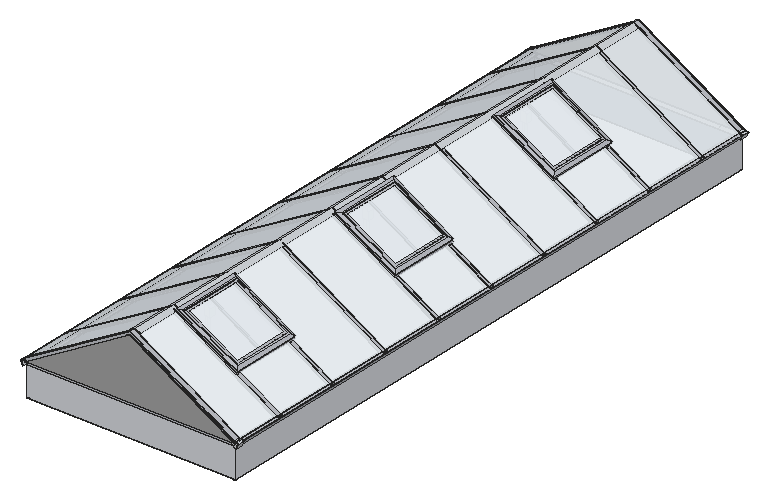
Revit family "Ленточный двухскатный зенитный фонарь M8CITY_Д_ВЕНТ-створки_2017", category Оборудование, Revit 2017
Family settings
  Основа = Крыша
  Размер круглого соединителя = Использовать диаметр
  Тип детали = Нормальный
  Всегда вертикально = Нет
  При загрузке вырезать с полостями = Нет
  Общий = Нет
  Точка расчета площади = Нет
Parameters (values of type "Зенитный фонарь M8CITY Л-Д-ВЕНТ-створки")
  Электронный адрес Отдела продаж [instance] = "info@m8city.by"  # constant formula
  Ширина проёма ввод = 3200 mm
  Ширина проёма = ADSK_Размер_Ширина  # 3200 mm
  Ширина = ADSK_Размер_Ширина  # 3200 mm
  Шаг типовой = 1060 mm  # constant formula
  Шаг массива = if(rounddown(Количество типовых растров / Количество створок ном) < 2, 2, rounddown(Количество типовых растров / Количество створок ном)) * 1060 mm  # 3180 mm
  Угол наклона к горизонту ном = if(Угол наклона к горизонту < 30.00°, 30.00°, if(Угол наклона к горизонту > 45.00°, 45.00°, Угол наклона к горизонту))  # 30.00°
  Угол наклона к горизонту = 30.00°
  Типовой растр = if((Длина - 971 mm) / 2 < 1260 mm, (Длина - 971 mm) / 2, 1060 mm)  # 1060 mm
  Телефон [instance] = "+375 17 388 44 42, +7 495 946 99 02"  # constant formula
  Смещение массива = (Длина + 89 mm - (N растров - 2) * Шаг типовой) / 2 + 1060 mm * rounddown((Количество типовых растров - (Шаг массива / 1060 mm) * (Количество створок ном - 1)) / 2)  # 1864.5 mm
  Description = ""
  Крайний растр = if(Длина + 89 mm < 2120 mm, (Длина + 89 mm) / 2, (Длина + 89 mm - (N растров - 2) * Шаг типовой) / 2)  # 804.5 mm
  Количество ферм = roundup(if((Длина - 971 mm) / 2 mm / 1060 < 2, 2, (Длина - 971 mm) / 2 mm / 1060))  # 5
  Количество типовых растров = rounddown((Длина - 311 mm) / Шаг типовой)  # 9
  Количество створок ном = if(Количество створок < 2, 2, if(Количество створок > roundup(Количество типовых растров / 2), roundup(Количество типовых растров / 2), Количество створок))  # 3
  Количество створок = 3
  Manufacturer = ""
  Заполнение = 1
  Длина створки ном = if(Длина створки < 1000 mm, 1000 mm, if(Длина створки > 1600 mm, 1600 mm, Длина створки))  # 1000 mm
  Длина створки = 1000 mm
  Длина проёма ввод = 10000 mm
  Длина проёма = ADSK_Размер_Длина  # 10000 mm
  Длина = ADSK_Размер_Длина  # 10000 mm
  Высота основания = 500 mm
  Высота = ADSK_Размер_Высота + 73 mm  # 573 mm
  Видимость створки двойной = and(Вид створки < 3, or(Вид створки = 2))  # no
  Вид створки = 1
  Бренд [instance] = ""
  URL = "www.m8city.by"
  Table 2 = "Маркировка"  # constant formula
  Table 1 = "Описание"  # constant formula
  N ферм = if(Длина + 89 mm > 2120 mm, N растров - 1, N растров)  # 9
  N растров = roundup((Длина + 89 mm) / Шаг типовой)  # 10
  ADSK_Размер_Ширина = if(Ширина проёма ввод < 1200 mm, 1200 mm, if(Ширина проёма ввод > 3500 mm, 3500 mm, Ширина проёма ввод))  # 3200 mm
  ADSK_Размер_Длина = if(Длина проёма ввод < 4200 mm, 4200 mm, Длина проёма ввод)  # 10000 mm
  ADSK_Размер_Высота = if(Высота основания < 300 mm, 300 mm, if(Высота основания > 800 mm, 800 mm, Высота основания))  # 500 mm
  ADSK_Обозначение = "M8CITY"  # constant formula
  ADSK_Наименование [instance] = size_lookup(Table 1, "", "Не определено", ADSK_Размер_Ширина, ADSK_Размер_Длина, ADSK_Размер_Высота, Заполнение, Длина створки ном, Вид створки)  # "Зенитный фонарь M8CITY двухскатный 3.2 х 10.0 м основание 500 мм заполнение стеклопакет однокамерный 1.30 мм со створками вентиляции 1.0х1.0 м 3 шт."
  ADSK_Марка [instance] = size_lookup(Table 2, "", "Не определено", ADSK_Размер_Ширина, ADSK_Размер_Длина, ADSK_Размер_Высота, Заполнение, Длина створки ном, Вид створки)  # "M8CITY-ФЗА-Л.Д-АСт-3.2-10.0-0.5-3С.УД.Э-1.0-1.0-СП.1.30-ТУ BY 191302027.002-2013"
  ADSK_Количество = 1
  ADSK_Код изделия = "ТУ BY 191302027.002-2013"  # constant formula
  ADSK_Завод-изготовитель = "ООО ''Завод М8 Сити''"  # constant formula
Reference planes
  plane 1 "По центру (Вперед/Назад)": y = 0
  plane 2 "Крыша": z = 4000
  plane 3 "По центру (Влево/Вправо)": x = 0
  plane 4: x = -1600
  plane 5: x = 1600
  plane 6: y = 5000
  plane 7: y = -5000
  plane 8: z = 4152.4
  plane 9: z = 4652.4
  plane 10: z = 4725.4
  plane 11: z = 4959.4
  plane 12: x = -1255
  plane 13: y = 3180
  plane 14: x = 1255
  plane 15: x = 1315
  plane 16: y = 5044.5
  plane 17: y = 5086.5
  plane 18: y = 4240
  plane 19: y = 0
  plane 20: y = -1590
  plane 21: y = 5108.8
  plane 22: y = -5044.5
  plane 23: y = -5110
  plane 24: y = 3180
Forms (mm)
  Sweep 1, solid, material "Сталь", detail levels medium+fine
    path origin (0, 0, 4000) x (1, 0, 0) y (0, 1, 0)
      loop
        line (-1600, 5000) -> (-1600, -5000) -> (1600, -5000) -> (1600, 5000) -> (-1600, 5000)
    profile origin (0, 5000, 4000) x (0, 1, 0) y (0, 0, 1)
      loop
        line (0, 152.4) -> (80, 152.4) -> (80, 153.9) -> (1.5, 153.9) -> (1.5, 650.9) -> (63.5, 650.9) -> (63.5, 632.4) -> (65, 632.4) -> (65, 652.4) -> (0, 652.4) -> (0, 152.4)
  Sweep 2, solid
    path origin (0, 0, 4000) x (1, 0, 0) y (0, 1, 0)
      loop
        line (-1600, 5000) -> (-1600, -5000) -> (1600, -5000) -> (1600, 5000) -> (-1600, 5000)
    profile origin (0, 5000, 4000) x (0, 1, 0) y (0, 0, 1)
      loop
        line (80, 652.4) -> (0, 652.4) -> (0, 152.4) -> (80, 152.4) -> (80, 652.4)
Lines and regions (mm)
  Opening 1
    outline origin (0, 0, 4152.4) x (0, 1, 0) y (-1, 0, 0)
      loop
        line (5000, 1600) -> (-5000, 1600) -> (-5000, -1600) -> (5000, -1600) -> (5000, 1600)
Dimensions and locks
  equal spacing: host sketch curve, plane 3 "По центру (Влево/Вправо)", host sketch curve
  equal spacing: host sketch curve, plane 1 "По центру (Вперед/Назад)", host sketch curve
  equal spacing: plane 4, plane 3 "По центру (Влево/Вправо)", plane 5
  equal spacing: plane 6, plane 1 "По центру (Вперед/Назад)", plane 7
  "Ширина проёма": plane 4 to plane 5
  "Длина проёма": plane 6 to plane 7
  "Высота основания": plane 9 to plane 8
  "Высота": plane 10 to host roof
  plane 10 to plane 9 = 73 mm
  locked: plane 16 to plane 6 at 44.5
  locked: plane 17 to plane 6 at 86.5
  locked: plane 21 to plane 17 at 22.3
  plane 7 to plane 22 = 44.5 mm
  locked: plane 7 to plane 23 at 110
  locked: nested 2 to nested 9 at 1.7
  locked: nested 11 to plane 21 at 0.5
  "Крайний растр": plane 16 to plane 18
  equal spacing: group 1, group 2, group 3, group 4, group 5, group 6, group 7, group 8, group 9  (x2)
  equal spacing: group 9, group 8, group 7, group 6, group 5, group 4, group 3, group 2, group 1
  "Шаг типовой": plane 18 to plane 13
  "Смещение массива": plane 16 to plane 24
  equal spacing: group 10, group 11, group 12  (x2)
  equal spacing: group 12, group 11, group 10
  "Шаг массива": plane 24 to plane 19
  equal spacing: group 15, group 14, group 13  (x2)
  equal spacing: group 13, group 14, group 15
  aligned and locked: level to plane 2 "Крыша"
  aligned and locked: host roof to plane 8
  aligned and locked: Opening 1 sketch curve to plane 6
  aligned and locked: Opening 1 sketch curve to plane 5
  aligned and locked: Opening 1 sketch curve to plane 7
  aligned and locked: Opening 1 sketch curve to plane 4
  aligned and locked: Sweep 1 sketch curve to plane 6
  aligned and locked: Sweep 1 sketch curve to plane 5
  aligned and locked: Sweep 1 sketch curve to plane 7
  aligned and locked: Sweep 1 sketch curve to plane 4
  aligned and locked: Sweep 1 to plane 8
  aligned and locked: Sweep 1 to plane 9
  aligned and locked: plane 3 "По центру (Влево/Вправо)" to nested 1
  aligned and locked: plane 6 to nested 1
  aligned and locked: plane 3 "По центру (Влево/Вправо)" to nested 2
  aligned and locked: plane 7 to nested 2
  aligned and locked: plane 5 to nested 3
  aligned and locked: nested 3 to plane 9
  aligned and locked: nested 4 to plane 1 "По центру (Вперед/Назад)"
  aligned and locked: nested 4 to plane 3 "По центру (Влево/Вправо)"
  aligned and locked: plane 9 to nested 4
  aligned and locked: plane 17 to nested 3
  aligned and locked: plane 3 "По центру (Влево/Вправо)" to nested 5
  aligned and locked: plane 3 "По центру (Влево/Вправо)" to nested 6
  aligned and locked: nested 6 to plane 16
  aligned and locked: nested 7 to plane 9
  aligned and locked: plane 9 to nested 6
  aligned and locked: nested 8 to plane 3 "По центру (Влево/Вправо)"
  aligned and locked: plane 1 "По центру (Вперед/Назад)" to nested 8
  aligned and locked: plane 9 to nested 8
  aligned and locked: plane 3 "По центру (Влево/Вправо)" to nested 9
  aligned and locked: plane 3 "По центру (Влево/Вправо)" to nested 7
  aligned and locked: nested 7 to plane 22
  aligned and locked: Sweep 2 sketch curve to plane 6
  aligned and locked: Sweep 2 sketch curve to plane 4
  aligned and locked: Sweep 2 sketch curve to plane 5
  aligned and locked: Sweep 2 sketch curve to plane 7
  aligned and locked: Sweep 2 sketch curve to plane 9
  aligned and locked: nested 10 to plane 3 "По центру (Влево/Вправо)"
  aligned and locked: plane 1 "По центру (Вперед/Назад)" to nested 10
  aligned and locked: plane 9 to nested 10
  aligned and locked: nested 9 to plane 9
  aligned and locked: plane 9 to nested 11
  aligned and locked: plane 9 to nested 2
  aligned and locked: nested 1 to plane 9
  aligned and locked: nested 12 to plane 3 "По центру (Влево/Вправо)"
  aligned and locked: plane 1 "По центру (Вперед/Назад)" to nested 12
  aligned and locked: plane 9 to nested 12
  aligned and locked: plane 9 to nested 5
  aligned and locked: plane 3 "По центру (Влево/Вправо)" to nested 13
  aligned and locked: plane 9 to nested 13
  aligned and locked: nested 14 to plane 3 "По центру (Влево/Вправо)"
  aligned and locked: plane 9 to nested 14
  aligned and locked: nested 5 to plane 18
  aligned and locked: nested 15 to plane 13
  aligned and locked: plane 24 to nested 13
  aligned and locked: plane 19 to nested 23
  aligned and locked: nested 14 to plane 24
  aligned and locked: nested 25 to plane 19
  aligned and locked: plane 9 to nested 25
  aligned and locked: plane 9 to nested 24
  aligned and locked: plane 3 "По центру (Влево/Вправо)" to nested 24
Automatic sketch dimensions
  Sweep 1 sketch curve to profile plane = 0 mm
  Sweep 1 sketch curve to profile plane = 1.5 mm
  Sweep 1 sketch curve to profile plane = 63.5 mm
  Sweep 1 sketch curve to Sweep 1 sketch curve = 1.5 mm  (x3)
  Sweep 1 sketch curve to Sweep 1 sketch curve = 78.5 mm
  level to Sweep 1 sketch curve = 152.4 mm
  Sweep 1 sketch curve to Sweep 1 sketch curve = 478.5 mm
  Sweep 1 sketch curve to Sweep 1 sketch curve = 18.5 mm
  Sweep 2 sketch curve to profile plane = 0 mm
  Sweep 2 sketch curve to profile plane = 80 mm
  level to Sweep 2 sketch curve = 152.4 mm
Nested families
  nested 1: "УПТ" at (0, 3966.539, 4657.3), type "УПТ", detail levels medium+fine
    with Ширина проёма 3200 mm
  nested 2: "УПТ" at (0, -3966.539, 4657.3), type "УПТ", detail levels medium+fine
    with Ширина проёма 3200 mm
  nested 3: "УПП" at (0, 0, 4733.976), type "УПП", detail levels medium+fine
    with Ширина проёма 3200 mm, Длина проема 10000 mm
  nested 4: "УПП" at (0, 0, 4733.976) x (-1, 0, 0) z (0, 0, 1), type "УПП", detail levels medium+fine
    with Ширина проёма 3200 mm, Длина проема 10000 mm
  nested 5: "Рядовой ПН и УПП" at (0, 4240, 4737.4), type "Рядовой ПН и УПП", detail levels medium+fine
    with Ширина проёма 3200 mm
  nested 6: "Торцевой ПН и УТП" at (0, 5044.5, 4752.4), type "Торцевой ПН и УТП", detail levels medium+fine
    with Ширина проёма 3200 mm
  nested 7: "Торцевой ПН и УТП" at (0, -5044.5, 4752.4), type "Торцевой ПН и УТП", detail levels medium+fine
    with Ширина проёма 3200 mm
  nested 8: "ПК рядовой" at (0, 0, 4752.4), type "ПК рядовой", detail levels medium+fine
    with Ширина проёма 3200 mm, Длина проёма 10000 mm
  nested 9: "ПК торцевой" at (0, -5099.7, 4727.4), type "ПК торцевой", detail levels medium+fine
    with Ширина проёма 3200 mm
  nested 10: "ПК низкая детализация" at (0, 0, 4752.4), type "ПК низкая детализация", detail levels coarse
    with Ширина проёма 3200 mm, Длина проёма 10000 mm
  nested 11: "ПК торцевой" at (0, 5098.3, 4727.4), type "ПК торцевой", detail levels medium+fine
    with Ширина проёма 3200 mm
  nested 12: "Конёк" at (0, 0, 4752.4), type "Конёк", detail levels medium+fine
    with Ширина проёма 3200 mm, Длина проёма 10000 mm
  nested 13: "Створка Д" at (60, 2656, 4737.4), type "Створка Д"
    with Ширина проёма 3200 mm
  nested 14: "Створка Д-2" at (-50, 2656, 4737.4) x (-1, 0, 0) z (0, 0, 1), visible <- "Видимость створки двойной", type "Створка Д-2"
    with Ширина проёма 3200 mm
  nested 15: "Рядовой ПН и УПП" at (0, 3180, 4737.4), type "Рядовой ПН и УПП", detail levels medium+fine
    with Ширина проёма 3200 mm
  nested 16: "Рядовой ПН и УПП" at (0, 2120, 4737.4), type "Рядовой ПН и УПП", detail levels medium+fine
    with Ширина проёма 3200 mm
  nested 17: "Рядовой ПН и УПП" at (0, 1060, 4737.4), type "Рядовой ПН и УПП", detail levels medium+fine
    with Ширина проёма 3200 mm
  nested 18: "Рядовой ПН и УПП" at (0, 0, 4737.4), type "Рядовой ПН и УПП", detail levels medium+fine
    with Ширина проёма 3200 mm
  nested 19: "Рядовой ПН и УПП" at (0, -1060, 4737.4), type "Рядовой ПН и УПП", detail levels medium+fine
    with Ширина проёма 3200 mm
  nested 20: "Рядовой ПН и УПП" at (0, -2120, 4737.4), type "Рядовой ПН и УПП", detail levels medium+fine
    with Ширина проёма 3200 mm
  nested 21: "Рядовой ПН и УПП" at (0, -3180, 4737.4), type "Рядовой ПН и УПП", detail levels medium+fine
    with Ширина проёма 3200 mm
  nested 22: "Рядовой ПН и УПП" at (0, -4240, 4737.4), type "Рядовой ПН и УПП", detail levels medium+fine
    with Ширина проёма 3200 mm
  nested 23: "Створка Д" at (60, -524, 4737.4), type "Створка Д"
    with Ширина проёма 3200 mm
  nested 24: "Створка Д" at (60, -3704, 4737.4), type "Створка Д"
    with Ширина проёма 3200 mm
  nested 25: "Створка Д-2" at (-55, -524, 4737.4) x (-1, 0, 0) z (0, 0, 1), visible <- "Видимость створки двойной", type "Створка Д-2"
    with Ширина проёма 3200 mm
  nested 26: "Створка Д-2" at (-60, -3704, 4737.4) x (-1, 0, 0) z (0, 0, 1), visible <- "Видимость створки двойной", type "Створка Д-2"
    with Ширина проёма 3200 mm
Definition of nested family "УПТ"
  Parameters (values of type "УПТ")
    Ширина проёма = 3500 mm
    Длина = 2066.922 mm
  Reference planes
    plane 1 "По центру (Вперед/Назад)": y = 0
    plane 2: z = 0
    plane 3 "По центру (Влево/Вправо)": x = 0
    plane 4: y = 1033.461
    plane 5: x = 1750
    plane 6: y = -1033.461
    plane 7: x = -1750
    plane 8: x = -1870
    plane 9: x = 1870
  Forms (mm)
    Sweep 1, solid, detail levels medium+fine
      path origin (0, 0, 0) x (1, 0, 0) y (0, 1, 0)
        loop
          line (-1870, 1033.461) -> (1870, 1033.461)
      profile origin (0, 1033.461, 0) x (0, 1, 0) y (0, 0, 1)
        loop
          line (0, 0) -> (0, -4.9) -> (86.5, -4.9) -> (86.5, -9.7) -> (111.5, -9.7) -> (111.5, 21.5) -> (110, 21.5) -> (110, -8.2) -> (88, -8.2) -> (88, 1.2) -> (0, 1.2) -> (0, 0)
    Extrusion 2, void
      sketch origin (0, 0, 0) x (1, 0, 0) y (0, 1, 0)
        loop
          line (-1870, 1121.461) -> (-1870, 1033.461) -> (-1750, 1033.461) -> (-1750, 1121.461) -> (-1870, 1121.461)
      from -4.9 to 1.601
    Extrusion 3, void
      sketch origin (0, 0, 0) x (-1, 0, 0) y (0, -1, 0)
        loop
          line (-1870, -1121.461) -> (-1750, -1121.461) -> (-1750, -1033.461) -> (-1870, -1033.461) -> (-1870, -1121.461)
      from -4.9 to 1.601
  Cuts and joins
    Extrusion 2, Extrusion 3 cuts Sweep 1
  Dimensions and locks
    equal spacing: plane 7, plane 3 "По центру (Влево/Вправо)", plane 5
    "Ширина проёма": plane 7 to plane 5
    equal spacing: plane 4, plane 1 "По центру (Вперед/Назад)", plane 6
    "Длина": plane 4 to plane 6
    locked: plane 8 to plane 7 at 120
    locked: plane 5 to plane 9 at 120
    aligned and locked: level to plane 2
    aligned and locked: Sweep 1 sketch curve to plane 4
    aligned and locked: Extrusion 2 sketch curve to Sweep 1  (x3)
    aligned and locked: Extrusion 2 sketch curve to plane 7
    aligned and locked: Extrusion 2 to Sweep 1
    aligned and locked: cut or joined group of Sweep 1, Extrusion 2, Extrusion 3 to plane 5
    aligned and locked: plane 9 to cut or joined group of Sweep 1, Extrusion 2, Extrusion 3
    aligned and locked: cut or joined group of Sweep 1, Extrusion 2, Extrusion 3 to plane 4
    aligned and locked: cut or joined group of Sweep 1, Extrusion 2, Extrusion 3 to cut or joined group of Sweep 1, Extrusion 2, Extrusion 3
  Automatic sketch dimensions
    Sweep 1 sketch curve to plane 8 = 0 mm
    Sweep 1 sketch curve to plane 9 = 0 mm
    Sweep 1 sketch curve to level = 0 mm
    Sweep 1 sketch curve to profile plane = 0 mm
    Sweep 1 sketch curve to level = 9.7 mm
    Sweep 1 sketch curve to profile plane = 86.5 mm
    level to Sweep 1 sketch curve = 1.2 mm
    Sweep 1 sketch curve to Sweep 1 sketch curve = 1.5 mm  (x2)
    Sweep 1 sketch curve to level = 8.2 mm
    Sweep 1 sketch curve to Sweep 1 sketch curve = 22 mm
    Sweep 1 sketch curve to Sweep 1 sketch curve = 3.3 mm
    level to Sweep 1 sketch curve = 21.5 mm
    Extrusion 3 sketch curve to plane 4 = 0 mm
    plane 9 to Extrusion 3 sketch curve = 0 mm
    Extrusion 3 sketch curve to plane 5 = 0 mm
    Extrusion 3 sketch curve to Extrusion 3 sketch curve = 88 mm
Definition of nested family "УПП"
  Parameters (values of type "УПП")
    Ширина проёма = 2066.922 mm
    Default Elevation = 1219.2 mm
    Длина проема = 1895.571 mm
  Reference planes
    plane 1 "По центру (Вперед/Назад)": y = 0
    plane 2: z = -81.576
    plane 3 "По центру (Влево/Вправо)": x = 0
    plane 4: y = 947.785
    plane 5: y = -947.785
    plane 6: x = -1033.461
    plane 7: x = 1033.461
    plane 8: y = 1034.285
    plane 9: y = -1034.285
    plane 10: x = 1053.461
  Forms (mm)
    Sweep 1, solid, detail levels medium+fine
      path origin (-20, 0, -81.576) x (1, 0, 0) y (0, 1, 0)
        loop
          line (1053.461, 1034.285) -> (1053.461, -1034.285)
      profile origin (1033.461, 0, -81.576) x (1, 0, 0) y (0, 0, 1)
        loop
          line (0, 0) -> (76.429, 0)
          arc (76.429, 0) -> (78.138, -3.453) -> (81.745, -2.099) r 2.873
          line (81.745, -2.099) -> (116.557, -6.373) -> (142.309, 36.485) -> (103.736, 59.662) -> (102.964, 58.376) -> (140.251, 35.972) -> (127.375, 14.543) -> (90.088, 36.947) -> (89.315, 35.661) -> (126.602, 13.257) -> (115.763, -4.782) -> (82.151, -0.655)
          arc (82.151, -0.655) -> (80.243, 2.019) -> (77, 1.5) r 3.117
          line (77, 1.5) -> (0, 1.5) -> (0, 0)
  Dimensions and locks
    equal spacing: plane 6, plane 3 "По центру (Влево/Вправо)", plane 7
    "Ширина проёма": plane 6 to plane 7
    equal spacing: plane 4, plane 1 "По центру (Вперед/Назад)", plane 5
    "Длина проема": plane 4 to plane 5
    locked: plane 8 to plane 4 at 86.5
    locked: plane 5 to plane 9 at 86.5
    locked: plane 7 to plane 10 at 20
    aligned and locked: level to plane 2
    aligned and locked: plane 9 to Sweep 1 sketch curve
    aligned and locked: plane 8 to Sweep 1 sketch curve
    aligned and locked: Sweep 1 to plane 7
  Automatic sketch dimensions
    profile plane to Sweep 1 sketch curve = 0 mm
    Sweep 1 sketch curve to level = 0 mm
    level to Sweep 1 sketch curve = 1.5 mm
    Sweep 1 sketch curve to profile plane = 77 mm
    Sweep 1 sketch curve to level = 0.857 mm
    Sweep 1 sketch curve to Sweep 1 sketch curve = 2.04 mm
    Sweep 1 sketch curve to Sweep 1 sketch curve = 0.153 mm
    Sweep 1 sketch curve to level = 2.099 mm
    Sweep 1 sketch curve to Sweep 1 sketch curve = 2.552 mm
    Sweep 1 sketch curve to level = 0.655 mm
    level to Sweep 1 sketch curve = 35.661 mm
    Sweep 1 sketch curve to Sweep 1 sketch curve = 12.315 mm
    level to Sweep 1 sketch curve = 36.947 mm
    Sweep 1 sketch curve to Sweep 1 sketch curve = 0.773 mm  (x2)
    Sweep 1 sketch curve to Sweep 1 sketch curve = 12.876 mm
    level to Sweep 1 sketch curve = 59.662 mm
    Sweep 1 sketch curve to level = 4.782 mm
    Sweep 1 sketch curve to Sweep 1 sketch curve = 33.613 mm
    Sweep 1 sketch curve to level = 6.373 mm
    Sweep 1 sketch curve to Sweep 1 sketch curve = 0.794 mm
    level to Sweep 1 sketch curve = 14.543 mm
    Sweep 1 sketch curve to Sweep 1 sketch curve = 0.076 mm
    Sweep 1 sketch curve to plane 7 = 0 mm
Definition of nested family "Рядовой ПН и УПП"
  Parameters (values of type "Рядовой ПН и УПП")
    Ширина проёма = 1500 mm
    Угол наклона = 30.00°
    Толщина заполения = 26 mm
  Reference planes
    plane 1 "По центру (Вперед/Назад)": y = 0
    plane 2: z = -85
    plane 3 "По центру (Влево/Вправо)": x = 0
    plane 4: x = -750
    plane 5: x = 750
    plane 6: z = -60
    plane 7: x = -845
    plane 8: x = 845
    plane 9: y = 15
    plane 10: y = -15
    plane 11: y = 939.592
    plane 12: y = -1221.134
  Forms (mm)
    Sweep 1, solid, detail levels medium+fine
      path origin (0, 0, 0) x (1, 0, 0) y (0, 0, 1)
        loop
          line (-845, -60) -> (0, 427.861) -> (845, -60)
      profile origin (-422.5, 0, 183.93) x (-0.5, 0, 0.866025) y (0, -1, 0)
        loop
          line (0, 0) -> (0, 37) -> (-6.4, 37) -> (-6.4, 35.5) -> (-1.4, 35.5) -> (-1.4, 28.9) -> (-18.1, 28.9) -> (-18.1, 0) -> (-18.1, -28.9) -> (-1.4, -28.9) -> (-1.4, -35.5) -> (-6.4, -35.5) -> (-6.4, -37) -> (0, -37) -> (0, 0)
    Sweep 2, solid, detail levels medium+fine
      path origin (0, 0, 0) x (1, 0, 0) y (0, 0, 1)
        loop
          line (-858, -37.483) -> (0, 457.883) -> (858, -37.483)
      profile origin (429, 0, 210.2) x (0.5, 0, 0.866025) y (0, -1, 0)
        loop
          line (8.5, 0) -> (8.5, -24) -> (0.3, -24) -> (0.3, -34) -> (7.77, -34)
          arc (7.77, -34) -> (9.347, -33.347) -> (10, -31.77) r 2.23
          line (10, -31.77) -> (10, 32.373)
          arc (10, 32.373) -> (9.349, 33.701) -> (7.9, 34) r 1.68
          line (7.9, 34) -> (-0.3, 34) -> (-0.3, 24) -> (8.5, 24) -> (8.5, 0)
  Lines and regions (mm)
    reference lines
      curve 1: line (845, 0, -60) -> (858, 0, -37.483)
      curve 2: line (-845, 0, -60) -> (-858, 0, -37.483)
      curve 3: line (-845, 0, -60) -> (0, 0, 427.861)
      curve 4: line (0, 0, 427.861) -> (-13, 0, 450.378)
      curve 5: line (-13, 0, 450.378) -> (-858, 0, -37.483)
      curve 6: line (845, 0, -60) -> (0, 0, 427.861)
      curve 7: line (0, 0, 427.861) -> (13, 0, 450.378)
      curve 8: line (13, 0, 450.378) -> (858, 0, -37.483)
  Dimensions and locks
    equal spacing: plane 4, plane 3 "По центру (Влево/Вправо)", plane 5
    "Ширина проёма": plane 4 to plane 5
    locked: plane 4 to plane 7 at 95
    locked: plane 8 to plane 5 at 95
    plane 6 to plane 2 = 25 mm
    "Толщина заполения": curve 5 to curve 3
    curve 5 to curve 3 = 26 mm
    "Толщина заполения": curve 8 to curve 6
    curve 8 to curve 6 = 26 mm
    locked: curve 5 to curve 2 (angle 90.00°)
    "Угол наклона": angle plane 6 to curve 3
    locked: curve 4 to curve 3 (angle 90.00°)
    angle curve 1 to curve 8 = 90.00°
    "Угол наклона": angle curve 6 to plane 6
    locked: curve 6 to curve 7 (angle 90.00°)
    aligned and locked: plane 6 to curve 2
    aligned and locked: plane 7 to curve 2
    aligned and locked: plane 3 "По центру (Влево/Вправо)" to curve 3
    aligned and locked: plane 8 to curve 1
    aligned and locked: Sweep 2 sketch curve to curve 8
    aligned and locked: Sweep 2 sketch curve to curve 5
    aligned and locked: plane 3 "По центру (Влево/Вправо)" to Sweep 2 sketch curve
    aligned and locked: Sweep 1 sketch curve to curve 3
    aligned and locked: curve 6 to Sweep 1 sketch curve
    aligned and locked: curve 1 to Sweep 2 sketch curve
    aligned and locked: curve 2 to Sweep 2 sketch curve
  Automatic sketch dimensions
    plane 1 "По центру (Вперед/Назад)" to Sweep 1 sketch curve = 0 mm  (x2)
    Sweep 1 sketch curve to profile plane = 0 mm
    profile plane to Sweep 1 sketch curve = 1.4 mm  (x2)
    Sweep 1 sketch curve to Sweep 1 sketch curve = 5 mm  (x2)
    Sweep 1 sketch curve to Sweep 1 sketch curve = 11.7 mm
    Sweep 1 sketch curve to plane 1 "По центру (Вперед/Назад)" = 28.9 mm
    Sweep 1 sketch curve to Sweep 1 sketch curve = 6.6 mm  (x2)
    Sweep 1 sketch curve to Sweep 1 sketch curve = 1.5 mm  (x2)
    Sweep 1 sketch curve to Sweep 1 sketch curve = 28.9 mm
    profile plane to Sweep 2 sketch curve = 0.3 mm
    Sweep 2 sketch curve to profile plane = 0.3 mm
    Sweep 2 sketch curve to Sweep 2 sketch curve = 7.47 mm
    Sweep 2 sketch curve to Sweep 2 sketch curve = 2.23 mm
    Sweep 2 sketch curve to plane 1 "По центру (Вперед/Назад)" = 24 mm
    Sweep 2 sketch curve to Sweep 2 sketch curve = 7.77 mm
    plane 1 "По центру (Вперед/Назад)" to Sweep 2 sketch curve = 24 mm
    Sweep 2 sketch curve to Sweep 2 sketch curve = 8.373 mm
    Sweep 2 sketch curve to Sweep 2 sketch curve = 1.627 mm
    Sweep 2 sketch curve to Sweep 2 sketch curve = 0.42 mm
    Sweep 2 sketch curve to plane 1 "По центру (Вперед/Назад)" = 0 mm
    Sweep 2 sketch curve to Sweep 2 sketch curve = 0.18 mm
    Sweep 1 sketch curve to plane 6 = 0 mm  (x2)
Definition of nested family "Торцевой ПН и УТП"
  Parameters (values of type "Торцевой ПН и УТП")
    Ширина проёма = 1500 mm
    Угол наклона = 30.00°
    Толщина заполения = 26 mm
  Reference planes
    plane 1 "По центру (Вперед/Назад)": y = 0
    plane 2: z = -100
    plane 3 "По центру (Влево/Вправо)": x = 0
    plane 4: x = -750
    plane 5: x = 750
    plane 6: z = -65
    plane 7: x = -845
    plane 8: x = 845
    plane 9: y = 15
    plane 10: y = -15
  Forms (mm)
    Sweep 1, solid, detail levels medium+fine
      path origin (0, 0, 0) x (1, 0, 0) y (0, 0, 1)
        loop
          line (845, -65) -> (0, 422.861) -> (-845, -65)
      profile origin (422.5, 0, 178.93) x (-0.5, 0, -0.866025) y (0, -1, 0)
        loop
          line (0, 0) -> (0, 37) -> (-6.4, 37) -> (-6.4, 35.5) -> (-1.4, 35.5) -> (-1.4, 28.9) -> (-18.1, 28.9) -> (-18.1, 0) -> (-18.1, -28.9) -> (-1.4, -28.9) -> (-1.4, -35.5) -> (-6.4, -35.5) -> (-6.4, -37) -> (0, -37) -> (0, 0)
    Sweep 2, solid, detail levels medium+fine
      path origin (0, 0, 0) x (1, 0, 0) y (0, 0, 1)
        loop
          line (858, -42.483) -> (0, 452.883) -> (-858, -42.483)
      profile origin (-429, 0, 205.2) x (0.5, 0, -0.866025) y (0, -1, 0)
        loop
          line (6.042, 25.896) -> (6.042, 35.896) -> (-2.157, 35.896)
          arc (-2.157, 35.896) -> (-3.193, 35.467) -> (-3.623, 34.43) r 1.465
          line (-3.623, 34.43) -> (-3.623, -65.182)
          arc (-3.623, -65.182) -> (-2.64, -67.532) -> (-0.278, -68.486) r 3.304
          line (-0.278, -68.486) -> (36.377, -68.486)
          arc (36.377, -68.486) -> (37.877, -66.986) -> (36.377, -65.486) r 1.5
          line (36.377, -65.486) -> (0.023, -65.486)
          arc (0.023, -65.486) -> (-1.386, -64.902) -> (-1.97, -63.492) r 1.993
          line (-1.97, -63.492) -> (-1.97, 25.896) -> (6.042, 25.896)
    Extrusion 3, solid, detail levels medium+fine
      sketch origin (-17.403, 0, -326.369) x (0.984808, 0, -0.173648) y (0.173648, 0, 0.984808)
        loop
          line (-856.673, 153.335) -> (-915.774, 103.743) -> (-865.96, 44.377) -> (-806.859, 93.969) -> (-856.673, 153.335)
      from -70.504 to -68.486
    Extrusion 4, solid, detail levels medium+fine
      sketch origin (2.711, 0, -191.197) x (-0.99485, 0, -0.101358) y (0.101358, 0, -0.99485)
        loop
          line (-844.28, -79.331) -> (-800.877, -23.523) -> (-863.823, 25.432) -> (-906.843, -34.18) -> (-844.28, -79.331)
      from -70.504 to -68.486
    Extrusion 5, solid, detail levels medium+fine
      sketch origin (0, 0, 0) x (1, 0, 0) y (0, 0, 1)
        loop
          line (-834.435, -26.604) -> (-835.385, -24.958) -> (-903.854, -64.488) -> (-864.155, -133.248) -> (-862.501, -132.294) -> (-901.25, -65.179) -> (-834.435, -26.604)
      from -70.504 to 35.5
    Extrusion 6, solid, detail levels medium+fine
      sketch origin (-1.456, 0, -72.783) x (-0.996195, 0, -0.087156) y (0.087156, 0, -0.996195)
        loop
          line (-836.897, 26.962) -> (-900.095, 71.214) -> (-857.897, 131.48) -> (-859.461, 132.575) -> (-902.796, 70.687) -> (-838.033, 25.339) -> (-836.897, 26.962)
      from -70.504 to 35.5
  Lines and regions (mm)
    reference lines
      curve 1: line (845, 0, -65) -> (858, 0, -42.483)
      curve 2: line (-845, 0, -65) -> (-858, 0, -42.483)
      curve 3: line (-845, 0, -65) -> (0, 0, 422.861)
      curve 4: line (0, 0, 422.861) -> (-13, 0, 445.378)
      curve 5: line (-13, 0, 445.378) -> (-858, 0, -42.483)
      curve 6: line (845, 0, -65) -> (0, 0, 422.861)
      curve 7: line (0, 0, 422.861) -> (13, 0, 445.378)
      curve 8: line (13, 0, 445.378) -> (858, 0, -42.483)
  Dimensions and locks
    equal spacing: plane 4, plane 3 "По центру (Влево/Вправо)", plane 5
    "Ширина проёма": plane 4 to plane 5
    locked: plane 4 to plane 7 at 95
    locked: plane 8 to plane 5 at 95
    plane 6 to plane 2 = 35 mm
    "Толщина заполения": curve 5 to curve 3
    curve 5 to curve 3 = 26 mm
    "Толщина заполения": curve 8 to curve 6
    curve 8 to curve 6 = 26 mm
    locked: Extrusion 5 to Sweep 2 at 48.803
    locked: Sweep 2 to Extrusion 6 at 49
    locked: curve 5 to curve 2 (angle 90.00°)
    "Угол наклона": angle plane 6 to curve 3
    locked: curve 4 to curve 3 (angle 90.00°)
    angle curve 1 to curve 8 = 90.00°
    "Угол наклона": angle curve 6 to plane 6
    locked: curve 6 to curve 7 (angle 90.00°)
    locked: Extrusion 3 sketch curve to Extrusion 5 (angle 90.00°)
    locked: Extrusion 5 to Extrusion 3 sketch curve (angle 90.00°)
    locked: Extrusion 6 to Extrusion 6 (angle 90.00°)
    locked: Extrusion 4 sketch curve to Extrusion 4 sketch curve (angle 90.00°)
    aligned and locked: plane 6 to curve 2
    aligned and locked: plane 7 to curve 2
    aligned and locked: plane 3 "По центру (Влево/Вправо)" to curve 3
    aligned and locked: plane 8 to curve 1
    aligned and locked: curve 6 to Sweep 1 sketch curve
    aligned and locked: Sweep 1 sketch curve to curve 3
    aligned and locked: Sweep 2 sketch curve to curve 5
    aligned and locked: Sweep 2 sketch curve to curve 8
    aligned and locked: plane 3 "По центру (Влево/Вправо)" to Sweep 2 sketch curve
    aligned and locked: curve 1 to Sweep 2 sketch curve
    aligned and locked: Sweep 2 sketch curve to Sweep 1
    aligned and locked: Extrusion 5 to Extrusion 3
    aligned and locked: Extrusion 5 to Sweep 1
    aligned and locked: Extrusion 5 sketch curve to Sweep 2
    aligned and locked: Extrusion 3 sketch curve to Extrusion 5  (x2)
    aligned and locked: Sweep 2 to Extrusion 6
    aligned and locked: Extrusion 4 sketch curve to Extrusion 6  (x2)
  Automatic sketch dimensions
    Sweep 1 sketch curve to plane 6 = 0 mm  (x2)
    plane 1 "По центру (Вперед/Назад)" to Sweep 1 sketch curve = 0 mm  (x2)
    Sweep 1 sketch curve to profile plane = 0 mm
    profile plane to Sweep 1 sketch curve = 1.4 mm  (x2)
    Sweep 1 sketch curve to Sweep 1 sketch curve = 5 mm  (x2)
    Sweep 1 sketch curve to Sweep 1 sketch curve = 11.7 mm
    Sweep 1 sketch curve to Sweep 1 sketch curve = 28.9 mm
    Sweep 1 sketch curve to Sweep 1 sketch curve = 6.6 mm  (x2)
    Sweep 1 sketch curve to Sweep 1 sketch curve = 1.5 mm  (x2)
    plane 1 "По центру (Вперед/Назад)" to Sweep 1 sketch curve = 28.9 mm
    profile plane to Sweep 2 sketch curve = 3.623 mm
    Sweep 2 sketch curve to Sweep 2 sketch curve = 1.465 mm
    profile plane to Sweep 2 sketch curve = 1.97 mm
    profile plane to Sweep 2 sketch curve = 0.318 mm
    profile plane to Sweep 2 sketch curve = 0.278 mm
    Sweep 2 sketch curve to profile plane = 0.023 mm
    Sweep 2 sketch curve to profile plane = 6.042 mm
    Sweep 2 sketch curve to profile plane = 36.377 mm
    Sweep 2 sketch curve to plane 1 "По центру (Вперед/Назад)" = 68.486 mm
    Sweep 2 sketch curve to Sweep 2 sketch curve = 1.5 mm
    plane 1 "По центру (Вперед/Назад)" to Sweep 2 sketch curve = 25.896 mm
    Sweep 2 sketch curve to Sweep 2 sketch curve = 8.535 mm
    plane 6 to Extrusion 5 sketch curve = 0.512 mm
    Extrusion 5 sketch curve to plane 6 = 0.179 mm
    Extrusion 5 sketch curve to plane 7 = 19.155 mm
    plane 7 to Extrusion 5 sketch curve = 10.565 mm
    Extrusion 5 sketch curve to Extrusion 5 sketch curve = 0.95 mm
    Extrusion 3 sketch curve to Extrusion 3 sketch curve = 49.814 mm
    Extrusion 3 sketch curve to Extrusion 3 sketch curve = 59.101 mm
    Extrusion 6 sketch curve to plane 6 = 0.484 mm
    Extrusion 6 sketch curve to plane 8 = 59.065 mm
    Extrusion 6 sketch curve to Extrusion 6 sketch curve = 2.701 mm
    Extrusion 6 sketch curve to Extrusion 6 sketch curve = 40.634 mm
    Extrusion 6 sketch curve to Extrusion 6 sketch curve = 1.564 mm
    Extrusion 6 sketch curve to Extrusion 6 sketch curve = 62.062 mm
    Extrusion 6 sketch curve to Extrusion 6 sketch curve = 0.528 mm
    Extrusion 4 sketch curve to Extrusion 4 sketch curve = 43.021 mm
    Extrusion 4 sketch curve to Extrusion 4 sketch curve = 62.564 mm
    Extrusion 4 sketch curve to Extrusion 4 sketch curve = 43.403 mm
Definition of nested family "ПК рядовой"
  Parameters (values of type "ПК рядовой")
    Ширина проёма = 1500 mm
    Угол наклона = 30.00°
    Толщина заполения = 18 mm
    Длина проёма = 3000 mm
  Reference planes
    plane 1 "По центру (Вперед/Назад)": y = 0
    plane 2: z = -100
    plane 3 "По центру (Влево/Вправо)": x = 0
    plane 4: x = -750
    plane 5: x = 750
    plane 6: z = -60
    plane 7: x = -840
    plane 8: x = 840
    plane 9: y = 15
    plane 10: y = -15
    plane 11: y = 1500
    plane 12: y = -1500
    plane 13: y = 1540
    plane 14: y = -1540
  Forms (mm)
    Extrusion 1, solid, detail levels medium+fine
      sketch origin (0, 0, 0) x (1, 0, 0) y (0, 0, 1)
        loop
          line (-840, -60) -> (0, 424.974) -> (840, -60) -> (849, -44.412) -> (0, 445.759) -> (-849, -44.412) -> (-840, -60)
      from -1540 to 1540
  Lines and regions (mm)
    reference lines
      curve 1: line (840, 0, -60) -> (849, 0, -44.412)
      curve 2: line (-840, 0, -60) -> (-849, 0, -44.412)
      curve 3: line (-840, 0, -60) -> (0, 0, 424.974)
      curve 4: line (0, 0, 424.974) -> (-9, 0, 440.563)
      curve 5: line (-9, 0, 440.563) -> (-849, 0, -44.412)
      curve 6: line (840, 0, -60) -> (0, 0, 424.974)
      curve 7: line (0, 0, 424.974) -> (9, 0, 440.563)
      curve 8: line (9, 0, 440.563) -> (849, 0, -44.412)
  Dimensions and locks
    equal spacing: plane 4, plane 3 "По центру (Влево/Вправо)", plane 5
    "Ширина проёма": plane 4 to plane 5
    locked: plane 4 to plane 7 at 90
    locked: plane 8 to plane 5 at 90
    plane 6 to plane 2 = 40 mm
    "Толщина заполения": curve 5 to curve 3
    curve 5 to curve 3 = 18 mm
    "Толщина заполения": curve 8 to curve 6
    curve 8 to curve 6 = 18 mm
    equal spacing: plane 11, plane 1 "По центру (Вперед/Назад)", plane 12
    "Длина проёма": plane 11 to plane 12
    locked: plane 13 to plane 11 at 40
    locked: plane 12 to plane 14 at 40
    locked: curve 5 to curve 2 (angle 90.00°)
    "Угол наклона": angle plane 6 to curve 3
    locked: curve 4 to curve 3 (angle 90.00°)
    angle curve 1 to curve 8 = 90.00°
    "Угол наклона": angle curve 6 to plane 6
    locked: curve 6 to curve 7 (angle 90.00°)
    aligned and locked: plane 6 to curve 2
    aligned and locked: plane 7 to curve 2
    aligned and locked: plane 3 "По центру (Влево/Вправо)" to curve 3
    aligned and locked: plane 8 to curve 1
    aligned and locked: plane 13 to Extrusion 1
    aligned and locked: Extrusion 1 to plane 14
    aligned and locked: Extrusion 1 sketch curve to curve 3
    aligned and locked: Extrusion 1 sketch curve to curve 6
    aligned and locked: Extrusion 1 sketch curve to curve 1
    aligned and locked: Extrusion 1 sketch curve to curve 8
    aligned and locked: plane 3 "По центру (Влево/Вправо)" to Extrusion 1 sketch curve
    aligned and locked: Extrusion 1 sketch curve to curve 5
    aligned and locked: Extrusion 1 sketch curve to curve 2
Definition of nested family "ПК торцевой"
  Parameters (values of type "ПК торцевой")
    Ширина проёма = 2800 mm
    Угол наклона = 30.00°
    Толщина заполения = 20 mm
  Reference planes
    plane 1 "По центру (Вперед/Назад)": y = 0
    plane 2: z = -75
    plane 3 "По центру (Влево/Вправо)": x = 0
    plane 4: x = -1400
    plane 5: x = 1400
    plane 6: z = -50
    plane 7: x = -1490
    plane 8: x = 1490
    plane 9: y = 15
    plane 10: y = -15
    plane 11: y = 10
    plane 12: y = -10
  Forms (mm)
    Extrusion 1, solid, detail levels medium+fine
      sketch origin (0, 0, 0) x (1, 0, 0) y (0, 0, 1)
        loop
          line (-1490, -50) -> (1490, -50) -> (1500, -32.679) -> (0, 833.346) -> (-1500, -32.679) -> (-1490, -50)
      from -10 to 10
  Lines and regions (mm)
    reference lines
      curve 1: line (1490, 0, -50) -> (1500, 0, -32.679)
      curve 2: line (-1490, 0, -50) -> (-1500, 0, -32.679)
      curve 3: line (-1490, 0, -50) -> (0, 0, 810.252)
      curve 4: line (0, 0, 810.252) -> (-10, 0, 827.572)
      curve 5: line (-10, 0, 827.572) -> (-1500, 0, -32.679)
      curve 6: line (1490, 0, -50) -> (0, 0, 810.252)
      curve 7: line (0, 0, 810.252) -> (10, 0, 827.572)
      curve 8: line (10, 0, 827.572) -> (1500, 0, -32.679)
  Dimensions and locks
    equal spacing: plane 4, plane 3 "По центру (Влево/Вправо)", plane 5
    "Ширина проёма": plane 4 to plane 5
    plane 4 to plane 7 = 90 mm
    locked: plane 8 to plane 5 at 90
    plane 6 to plane 2 = 25 mm
    "Толщина заполения": curve 5 to curve 3
    curve 5 to curve 3 = 20 mm
    "Толщина заполения": curve 8 to curve 6
    curve 8 to curve 6 = 20 mm
    equal spacing: plane 11, plane 1 "По центру (Вперед/Назад)", plane 12
    "Толщина заполения": plane 11 to plane 12
    locked: curve 5 to curve 2 (angle 90.00°)
    "Угол наклона": angle plane 6 to curve 3
    locked: curve 4 to curve 3 (angle 90.00°)
    angle curve 1 to curve 8 = 90.00°
    "Угол наклона": angle curve 6 to plane 6
    locked: curve 6 to curve 7 (angle 90.00°)
    aligned and locked: plane 6 to curve 2
    aligned and locked: plane 7 to curve 2
    aligned and locked: plane 3 "По центру (Влево/Вправо)" to curve 3
    aligned and locked: plane 8 to curve 1
    aligned and locked: plane 11 to Extrusion 1
    aligned and locked: Extrusion 1 to plane 12
    aligned and locked: Extrusion 1 sketch curve to plane 6
    aligned and locked: Extrusion 1 sketch curve to curve 2
    aligned and locked: Extrusion 1 sketch curve to curve 5
    aligned and locked: Extrusion 1 sketch curve to curve 8
    aligned and locked: Extrusion 1 sketch curve to curve 1
    aligned and locked: plane 3 "По центру (Влево/Вправо)" to Extrusion 1 sketch curve
Definition of nested family "Конёк"
  Parameters (values of type "Конёк")
    Ширина проёма = 1600 mm
    Угол наклона = 30.00°
    Толщина заполения = 55 mm
    Длина проёма = 3000 mm
  Reference planes
    plane 1 "По центру (Вперед/Назад)": y = 0
    plane 2: z = -100
    plane 3 "По центру (Влево/Вправо)": x = 0
    plane 4: x = -800
    plane 5: x = 800
    plane 6: z = -95
    plane 7: x = -895
    plane 8: x = 895
    plane 9: y = 15
    plane 10: y = -15
    plane 11: y = 1500
    plane 12: y = -1500
  Forms (mm)
    Extrusion 1, solid
      sketch origin (0, 0, 0) x (1, 0, 0) y (0, 0, 1)
        loop
          line (0, 485.237) -> (86.642, 435.214) -> (87.642, 436.946) -> (0, 487.546) -> (-87.603, 436.969) -> (-86.603, 435.237) -> (0, 485.237)
      from -1500 to 1500
  Lines and regions (mm)
    reference lines
      curve 1: line (895, 0, -95) -> (922.5, 0, -47.369)
      curve 2: line (-895, 0, -95) -> (-922.5, 0, -47.369)
      curve 3: line (-895, 0, -95) -> (0, 0, 421.728)
      curve 4: line (0, 0, 421.728) -> (-27.5, 0, 469.36)
      curve 5: line (-27.5, 0, 469.36) -> (-922.5, 0, -47.369)
      curve 6: line (895, 0, -95) -> (0, 0, 421.728)
      curve 7: line (0, 0, 421.728) -> (27.5, 0, 469.36)
      curve 8: line (27.5, 0, 469.36) -> (922.5, 0, -47.369)
  Dimensions and locks
    equal spacing: plane 4, plane 3 "По центру (Влево/Вправо)", plane 5
    "Ширина проёма": plane 4 to plane 5
    locked: plane 4 to plane 7 at 95
    locked: plane 8 to plane 5 at 95
    plane 6 to plane 2 = 5 mm
    "Толщина заполения": curve 5 to curve 3
    curve 5 to curve 3 = 55 mm
    "Толщина заполения": curve 8 to curve 6
    curve 8 to curve 6 = 55 mm
    equal spacing: plane 11, plane 1 "По центру (Вперед/Назад)", plane 12
    "Длина проёма": plane 11 to plane 12
    locked: curve 5 to curve 2 (angle 90.00°)
    "Угол наклона": angle plane 6 to curve 3
    locked: curve 4 to curve 3 (angle 90.00°)
    angle curve 1 to curve 8 = 90.00°
    "Угол наклона": angle curve 6 to plane 6
    locked: curve 6 to curve 7 (angle 90.00°)
    aligned and locked: plane 6 to curve 2
    aligned and locked: plane 7 to curve 2
    aligned and locked: plane 3 "По центру (Влево/Вправо)" to curve 3
    aligned and locked: plane 8 to curve 1
    aligned and locked: Extrusion 1 sketch curve to curve 5
    aligned and locked: Extrusion 1 sketch curve to curve 8
    aligned and locked: plane 11 to Extrusion 1
    aligned and locked: Extrusion 1 to plane 12
  Automatic sketch dimensions
    Extrusion 1 sketch curve to plane 3 "По центру (Влево/Вправо)" = 0 mm
    Extrusion 1 sketch curve to plane 3 "По центру (Влево/Вправо)" = 86.603 mm
    Extrusion 1 sketch curve to Extrusion 1 sketch curve = 1 mm
    Extrusion 1 sketch curve to Extrusion 1 sketch curve = 1.709 mm
Definition of nested family "Створка Д"
  Parameters (values of type "Створка Д")
    Ширина створки = 1048 mm
    Ширина проёма = 2800 mm
    Толщина заполения = 26 mm
    Длина створки = 1000 mm
  Reference planes
    plane 1 "По центру (Вперед/Назад)": y = 0
    plane 2: z = -85
    plane 3 "По центру (Влево/Вправо)": x = 0
    plane 4: x = -1400
    plane 5: x = 1400
    plane 6: z = -80
    plane 7: x = -1495
    plane 8: x = 1495
    plane 9: y = 15
    plane 10: y = -15
    plane 11: y = 524
    plane 12: y = -524
    plane 13: x = 50
    plane 14: x = -60
    plane 15: x = 1024.351
  Lines and regions (mm)
    reference lines
      curve 1: line (1495, 0, -80) -> (1508, 0, -57.483)
      curve 2: line (-1495, 0, -80) -> (-1508, 0, -57.483)
      curve 3: line (-1495, 0, -80) -> (0, 0, 783.139)
      curve 4: line (0, 0, 783.139) -> (-13, 0, 805.655)
      curve 5: line (-13, 0, 805.655) -> (-1508, 0, -57.483)
      curve 6: line (1495, 0, -80) -> (0, 0, 783.139)
      curve 7: line (0, 0, 783.139) -> (51.061, 0, 871.578)
      curve 8: line (13, 0, 805.655) -> (1508, 0, -57.483)
      curve 9: line (0, 0, 783.139) -> (260, 0, 783.139)
  Dimensions and locks
    equal spacing: plane 4, plane 3 "По центру (Влево/Вправо)", plane 5
    "Ширина проёма": plane 4 to plane 5
    locked: plane 4 to plane 7 at 95
    locked: plane 8 to plane 5 at 95
    plane 6 to plane 2 = 5 mm
    "Толщина заполения": curve 5 to curve 3
    curve 5 to curve 3 = 26 mm
    "Толщина заполения": curve 8 to curve 6
    curve 8 to curve 6 = 26 mm
    equal spacing: plane 11, plane 1 "По центру (Вперед/Назад)", plane 12
    "Ширина створки": plane 11 to plane 12
    locked: plane 13 to plane 3 "По центру (Влево/Вправо)" at 50
    locked: curve 5 to curve 2 (angle 90.00°)
    angle plane 6 to curve 3 = 30.00°
    locked: curve 4 to curve 3 (angle 90.00°)
    angle curve 1 to curve 8 = 90.00°
    angle curve 6 to plane 6 = 30.00°
    locked: curve 6 to curve 7 (angle 90.00°)
    aligned and locked: plane 6 to curve 2
    aligned and locked: plane 7 to curve 2
    aligned and locked: plane 3 "По центру (Влево/Вправо)" to curve 3
    aligned and locked: plane 8 to curve 1
    aligned and locked: plane 11 to nested 1
    aligned and locked: plane 12 to nested 1
    aligned and locked: nested 1 to curve 7
    aligned and locked: curve 8 to nested 1
    aligned and locked: nested 2 to curve 9
    aligned and locked: plane 13 to nested 2
  Automatic sketch dimensions
    plane 13 to curve 9 = 210 mm
  Nested families
    nested 1: "Створка точки" at (505.304, 0, 536.641) x (0.866, 0, -0.5) z (0.5, 0, 0.866), type "Створка двускатника"
      with Толщина заполнения 16 mm, Длина 1048 mm
    nested 2: "вентиляция" at (50, 0, 713.139), type "вентиляция"
  Definition of nested family "Створка точки"
    Parameters (values of type "Створка двускатника")
      Width = 800 mm
      Толщина заполнения = 30 mm
      Default Elevation = 1219.2 mm
      Длина = 800 mm
      Analytic Construction = "<Нет>"
    Reference planes
      plane 1 "По центру (Вперед/Назад)": y = 0
      plane 2: z = 0
      plane 3 "По центру (Влево/Вправо)": x = 0
      plane 4: x = -400
      plane 5: x = 400
      plane 6: y = 400
      plane 7: y = -400
      plane 8: y = 0
    Forms (mm)
      Extrusion 1, solid, detail levels medium+fine
        sketch origin (5, 0, 0) x (1, 0, 0) y (0, 0, 1)
          loop
            line (-346.967, 24.821) -> (-346.967, 6.775) -> (337, 6.775) -> (337, 24.875) -> (377, 24.875) -> (377, 26.875) -> (-386.967, 26.875) -> (-386.967, 24.821) -> (-346.967, 24.821)
        from -20 to 20
      Sweep 2, solid, detail levels medium+fine
        path origin (0, 0, 0) x (1, 0, 0) y (0, 1, 0)
          loop
            line (-400, 400) -> (-400, -400) -> (400, -400) -> (400, 400) -> (-400, 400)
        profile origin (0, 400, 0) x (0, 1, 0) y (0, 0, 1)
          loop
            line (5.467, 57.321) -> (-54.533, 57.321) -> (-54.533, 55.321) -> (-14.533, 55.321) -> (-14.533, 18.321) -> (-42.533, 18.321) -> (-42.533, 24.821) -> (-58.033, 24.821) -> (-58.033, 13.821) -> (-15.033, 13.821) -> (-15.033, -13.179) -> (57.967, -13.179) -> (69.181, -5.326) -> (60.856, 12.803) -> (60.856, 40.803) -> (5.467, 57.321)
      Extrusion 3, solid, detail levels medium+fine
        sketch origin (-0.922, 0, 0) x (1, 0, 0) y (0, 0, 1)
          loop
            line (-379.078, 55.321) -> (-379.078, 26.875) -> (379.586, 26.875) -> (379.586, 55.321) -> (-379.078, 55.321)
        from -380 to 380
    Dimensions and locks
      equal spacing: plane 4, plane 3 "По центру (Влево/Вправо)", plane 5
      equal spacing: plane 6, plane 1 "По центру (Вперед/Назад)", plane 7
      "Width": plane 4 to plane 5
      "Длина": plane 6 to plane 7
      locked: Extrusion 1 to Extrusion 1 at 40
      locked: Sweep 2 to plane 4 at 58.033
      locked: plane 5 to Extrusion 1 sketch curve at 58
      locked: plane 6 to Extrusion 3 at 20
      locked: Extrusion 3 to plane 5 at 21.336
      locked: Extrusion 3 to plane 7 at 20
      locked: plane 4 to Extrusion 3 at 20
      aligned and locked: level to plane 2
      aligned and locked: Sweep 2 sketch curve to plane 6
      aligned and locked: Sweep 2 sketch curve to plane 5
      aligned and locked: Sweep 2 sketch curve to plane 7
      aligned and locked: Sweep 2 sketch curve to plane 4
      aligned and locked: Sweep 2 to Extrusion 1 sketch curve
      aligned and locked: Sweep 2 to Extrusion 3 sketch curve
      aligned and locked: Extrusion 1 to Extrusion 3 sketch curve
    Automatic sketch dimensions
      level to Extrusion 1 sketch curve = 6.775 mm
      plane 4 to Extrusion 1 sketch curve = 58.033 mm
      plane 4 to Extrusion 1 sketch curve = 18.033 mm
      Extrusion 1 sketch curve to Extrusion 1 sketch curve = 18.1 mm
      Extrusion 1 sketch curve to Extrusion 1 sketch curve = 2.054 mm
      Extrusion 1 sketch curve to plane 5 = 18 mm
      plane 4 to Extrusion 3 sketch curve = 20 mm
      Extrusion 3 sketch curve to plane 5 = 21.336 mm
      level to Sweep 2 sketch curve = 24.821 mm
      profile plane to Sweep 2 sketch curve = 58.033 mm
      Sweep 2 sketch curve to Sweep 2 sketch curve = 3.5 mm
      Sweep 2 sketch curve to Sweep 2 sketch curve = 15.5 mm
      profile plane to Sweep 2 sketch curve = 15.033 mm
      Sweep 2 sketch curve to Sweep 2 sketch curve = 0.5 mm
      Sweep 2 sketch curve to profile plane = 5.467 mm
      Sweep 2 sketch curve to level = 13.179 mm
      Sweep 2 sketch curve to profile plane = 57.967 mm
      Sweep 2 sketch curve to Sweep 2 sketch curve = 2.889 mm
      level to Sweep 2 sketch curve = 12.803 mm
      Sweep 2 sketch curve to Sweep 2 sketch curve = 11 mm
      Sweep 2 sketch curve to Sweep 2 sketch curve = 4.5 mm
      Sweep 2 sketch curve to Sweep 2 sketch curve = 28 mm
      Sweep 2 sketch curve to Sweep 2 sketch curve = 30.5 mm
      Sweep 2 sketch curve to Sweep 2 sketch curve = 2 mm
      Sweep 2 sketch curve to Sweep 2 sketch curve = 11.215 mm
      Sweep 2 sketch curve to level = 5.326 mm
  Definition of nested family "вентиляция"
    Parameters (values of type "вентиляция")
      Ширина = 1340 mm
      Длина = 1210.736 mm
    Reference planes
      plane 1 "По центру (Вперед/Назад)": y = 0
      plane 2: z = 0
      plane 3 "По центру (Влево/Вправо)": x = 0
      plane 4: z = 70
      plane 5: z = -615
      plane 6: z = -185
      plane 7: z = 55
      plane 8: z = -20
      plane 9: y = 45
      plane 10: y = -45
      plane 11: x = -850
      plane 12: x = -670
      plane 13: y = 605.368
      plane 14: x = 670
      plane 15: y = -605.368
    Forms (mm)
      Extrusion 1, solid
        sketch origin (0, 0, 0) x (1, 0, 0) y (0, 0, 1)
          loop
            line (0, -20) -> (0, -185) -> (90, -185) -> (90, -65) -> (69.016, -20) -> (0, -20)
        from -45 to 45
      Extrusion 2, solid
        sketch origin (0, 0, 0) x (1, 0, 0) y (0, 0, 1)
          loop
            line (0, -185) -> (0, -410) -> (40, -410) -> (40, -185) -> (0, -185)
        from -20 to 20
      Revolve 3, solid
        sketch origin (0, 0, 0) x (1, 0, 0) y (0, 0, 1)
          loop
            line (65, -185) -> (65, -210) -> (68, -210) -> (68, -200) -> (73, -200) -> (73, -185) -> (65, -185)
          axis (65, -185) -> (65, -210)
        angle from 0 to 360
      Revolve 4, solid
        sketch origin (0, 0, 0) x (1, 0, 0) y (0, 0, 1)
          loop
            line (12.727, 55) -> (12.727, -20) -> (25.454, -20) -> (25.454, 55) -> (12.727, 55)
          axis (12.727, -20) -> (12.727, 55)
        angle from 0 to 360
      Revolve 5, solid
        sketch origin (0, 0, 0) x (1, 0, 0) y (0, 0, 1)
          loop
            line (12.727, 55) -> (15.227, 55) -> (15.227, 70) -> (12.727, 70) -> (12.727, 55)
          axis (12.727, 70) -> (12.727, 55)
        angle from 0 to 360
      Extrusion 6, solid
        sketch origin (0, 0, 0) x (1, 0, 0) y (0, 0, 1)
          loop
            circle (12.727, 0) r 6
        from -20 to 20
    Dimensions and locks
      plane 4 to plane 2 = 70 mm
      locked: plane 2 to plane 6 at 185
      locked: plane 6 to plane 5 at 430
      locked: plane 7 to plane 2 at 55
      locked: plane 2 to plane 8 at 20
      locked: Extrusion 1 sketch curve to Extrusion 1 sketch curve at 90
      locked: plane 1 "По центру (Вперед/Назад)" to plane 9 at 45
      locked: plane 10 to plane 1 "По центру (Вперед/Назад)" at 45
      plane 1 "По центру (Вперед/Назад)" to Extrusion 2 = 20 mm
      Extrusion 2 to plane 1 "По центру (Вперед/Назад)" = 20 mm
      equal spacing: plane 12, plane 3 "По центру (Влево/Вправо)", plane 14
      equal spacing: plane 13, plane 1 "По центру (Вперед/Назад)", plane 15
      "Ширина": plane 12 to plane 14
      "Длина": plane 13 to plane 15
      aligned and locked: level to plane 2
      aligned and locked: Extrusion 2 sketch curve to plane 3 "По центру (Влево/Вправо)"
      aligned and locked: plane 9 to Extrusion 1
      aligned and locked: Extrusion 1 to plane 10
    Automatic sketch dimensions
      Extrusion 1 sketch curve to plane 3 "По центру (Влево/Вправо)" = 0 mm
      Extrusion 1 sketch curve to plane 8 = 0 mm
      Extrusion 1 sketch curve to plane 6 = 0 mm
      Extrusion 1 sketch curve to Extrusion 1 sketch curve = 20.984 mm
      Extrusion 1 sketch curve to plane 8 = 45 mm
      Revolve 3 sketch curve to plane 6 = 0 mm  (x2)
      plane 3 "По центру (Влево/Вправо)" to Revolve 3 sketch curve = 65 mm
      Revolve 3 sketch curve to Revolve 3 sketch curve = 3 mm
      Revolve 3 sketch curve to Revolve 3 sketch curve = 8 mm
      Revolve 3 sketch curve to plane 6 = 15 mm
      Revolve 3 sketch curve to Revolve 3 sketch curve = 10 mm
      Revolve 3 sketch curve to Revolve 3 sketch curve = 0 mm  (x2)
      Revolve 4 sketch curve to plane 7 = 0 mm  (x2)
      Revolve 4 sketch curve to plane 8 = 0 mm  (x2)
      plane 3 "По центру (Влево/Вправо)" to Revolve 4 sketch curve = 12.727 mm
      Revolve 4 sketch curve to Revolve 4 sketch curve = 12.727 mm
      Revolve 4 sketch curve to Revolve 4 sketch curve = 0 mm
      Revolve 5 sketch curve to plane 7 = 0 mm  (x2)
      Revolve 5 sketch curve to plane 4 = 0 mm  (x2)
      plane 3 "По центру (Влево/Вправо)" to Revolve 5 sketch curve = 12.727 mm
      Revolve 5 sketch curve to Revolve 5 sketch curve = 2.5 mm
      Revolve 5 sketch curve to Revolve 5 sketch curve = 0 mm
      Extrusion 6 sketch curve to level = 0 mm
      plane 3 "По центру (Влево/Вправо)" to Extrusion 6 sketch curve = 12.727 mm
      Extrusion 2 sketch curve to plane 6 = 0 mm
      plane 3 "По центру (Влево/Вправо)" to Extrusion 2 sketch curve = 40 mm
      plane 5 to Extrusion 2 sketch curve = 205 mm
      radius of Extrusion 6 sketch curve = 6 mm
Definition of nested family "Створка Д-2"
  Parameters (values of type "Створка Д-2")
    Ширина створки = 1048 mm
    Ширина проёма = 2800 mm
    Толщина заполения = 26 mm
    Длина створки = 1000 mm
  Reference planes
    plane 1 "По центру (Вперед/Назад)": y = 0
    plane 2: z = -85
    plane 3 "По центру (Влево/Вправо)": x = 0
    plane 4: x = -1400
    plane 5: x = 1400
    plane 6: z = -80
    plane 7: x = -1495
    plane 8: x = 1495
    plane 9: y = 15
    plane 10: y = -15
    plane 11: y = 524
    plane 12: y = -524
    plane 13: x = 50
    plane 14: x = -50
    plane 15: x = 1024.351
  Lines and regions (mm)
    reference lines
      curve 1: line (1495, 0, -80) -> (1508, 0, -57.483)
      curve 2: line (-1495, 0, -80) -> (-1508, 0, -57.483)
      curve 3: line (-1495, 0, -80) -> (0, 0, 783.139)
      curve 4: line (0, 0, 783.139) -> (-13, 0, 805.655)
      curve 5: line (-13, 0, 805.655) -> (-1508, 0, -57.483)
      curve 6: line (1495, 0, -80) -> (0, 0, 783.139)
      curve 7: line (0, 0, 783.139) -> (51.061, 0, 871.578)
      curve 8: line (13, 0, 805.655) -> (1508, 0, -57.483)
      curve 9: line (0, 0, 783.139) -> (260, 0, 783.139)
  Dimensions and locks
    equal spacing: plane 4, plane 3 "По центру (Влево/Вправо)", plane 5
    "Ширина проёма": plane 4 to plane 5
    locked: plane 4 to plane 7 at 95
    locked: plane 8 to plane 5 at 95
    plane 6 to plane 2 = 5 mm
    "Толщина заполения": curve 5 to curve 3
    curve 5 to curve 3 = 26 mm
    "Толщина заполения": curve 8 to curve 6
    curve 8 to curve 6 = 26 mm
    equal spacing: plane 11, plane 1 "По центру (Вперед/Назад)", plane 12
    "Ширина створки": plane 11 to plane 12
    locked: plane 13 to plane 3 "По центру (Влево/Вправо)" at 50
    locked: plane 3 "По центру (Влево/Вправо)" to plane 14 at 50
    locked: curve 5 to curve 2 (angle 90.00°)
    angle plane 6 to curve 3 = 30.00°
    locked: curve 4 to curve 3 (angle 90.00°)
    angle curve 1 to curve 8 = 90.00°
    angle curve 6 to plane 6 = 30.00°
    locked: curve 6 to curve 7 (angle 90.00°)
    aligned and locked: plane 6 to curve 2
    aligned and locked: plane 7 to curve 2
    aligned and locked: plane 3 "По центру (Влево/Вправо)" to curve 3
    aligned and locked: plane 8 to curve 1
    aligned and locked: plane 11 to nested 1
    aligned and locked: plane 12 to nested 1
    aligned and locked: nested 1 to curve 7
    aligned and locked: curve 8 to nested 1
    aligned and locked: nested 2 to curve 9
    aligned and locked: plane 13 to nested 2
  Automatic sketch dimensions
    plane 13 to curve 9 = 210 mm
  Nested families
    nested 1: "Створка точки" at (505.304, 0, 536.641) x (0.866, 0, -0.5) z (0.5, 0, 0.866), type "Створка двускатника"
      with Толщина заполнения 16 mm, Длина 1048 mm
    nested 2: "вентиляция" at (50, 0, 713.139), type "вентиляция"
  Definition of nested family "Створка точки"
    Parameters (values of type "Створка двускатника")
      Width = 800 mm
      Толщина заполнения = 30 mm
      Default Elevation = 1219.2 mm
      Длина = 800 mm
      Analytic Construction = "<Нет>"
    Reference planes
      plane 1 "По центру (Вперед/Назад)": y = 0
      plane 2: z = 0
      plane 3 "По центру (Влево/Вправо)": x = 0
      plane 4: x = -400
      plane 5: x = 400
      plane 6: y = 400
      plane 7: y = -400
      plane 8: y = 0
    Forms (mm)
      Extrusion 1, solid, detail levels medium+fine
        sketch origin (5, 0, 0) x (1, 0, 0) y (0, 0, 1)
          loop
            line (-346.967, 24.821) -> (-346.967, 6.775) -> (337, 6.775) -> (337, 24.875) -> (377, 24.875) -> (377, 26.875) -> (-386.967, 26.875) -> (-386.967, 24.821) -> (-346.967, 24.821)
        from -20 to 20
      Sweep 2, solid, detail levels medium+fine
        path origin (0, 0, 0) x (1, 0, 0) y (0, 1, 0)
          loop
            line (-400, 400) -> (-400, -400) -> (400, -400) -> (400, 400) -> (-400, 400)
        profile origin (0, 400, 0) x (0, 1, 0) y (0, 0, 1)
          loop
            line (5.467, 57.321) -> (-54.533, 57.321) -> (-54.533, 55.321) -> (-14.533, 55.321) -> (-14.533, 18.321) -> (-42.533, 18.321) -> (-42.533, 24.821) -> (-58.033, 24.821) -> (-58.033, 13.821) -> (-15.033, 13.821) -> (-15.033, -13.179) -> (57.967, -13.179) -> (69.181, -5.326) -> (60.856, 12.803) -> (60.856, 40.803) -> (5.467, 57.321)
      Extrusion 3, solid, detail levels medium+fine
        sketch origin (-0.922, 0, 0) x (1, 0, 0) y (0, 0, 1)
          loop
            line (-379.078, 55.321) -> (-379.078, 26.875) -> (379.586, 26.875) -> (379.586, 55.321) -> (-379.078, 55.321)
        from -380 to 380
    Dimensions and locks
      equal spacing: plane 4, plane 3 "По центру (Влево/Вправо)", plane 5
      equal spacing: plane 6, plane 1 "По центру (Вперед/Назад)", plane 7
      "Width": plane 4 to plane 5
      "Длина": plane 6 to plane 7
      locked: Extrusion 1 to Extrusion 1 at 40
      locked: Sweep 2 to plane 4 at 58.033
      locked: plane 5 to Extrusion 1 sketch curve at 58
      locked: plane 6 to Extrusion 3 at 20
      locked: Extrusion 3 to plane 5 at 21.336
      locked: Extrusion 3 to plane 7 at 20
      locked: plane 4 to Extrusion 3 at 20
      aligned and locked: level to plane 2
      aligned and locked: Sweep 2 sketch curve to plane 6
      aligned and locked: Sweep 2 sketch curve to plane 5
      aligned and locked: Sweep 2 sketch curve to plane 7
      aligned and locked: Sweep 2 sketch curve to plane 4
      aligned and locked: Sweep 2 to Extrusion 1 sketch curve
      aligned and locked: Sweep 2 to Extrusion 3 sketch curve
      aligned and locked: Extrusion 1 to Extrusion 3 sketch curve
    Automatic sketch dimensions
      level to Extrusion 1 sketch curve = 6.775 mm
      plane 4 to Extrusion 1 sketch curve = 58.033 mm
